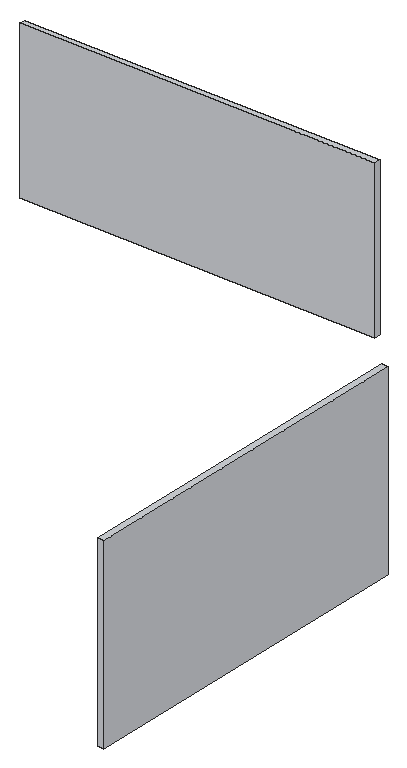
Revit family "EKF450E3 BIM position 2", category Mechanical Equipment, Revit 2013
Parameters (values of type "EKF450E3")
  Width = "700 mm"
  Weight = "83.5 kg"
  Warranty period = "Unit 2 years                                    Motor 5 years"
  Sub Type = "Lo-Carbon Kitchen Box Fan"
  Width (including handles) = "784 mm"
  Height (inclusing controller) = "826 mm"
  Product Description = "Lo-Carbon Kitchen Box Fan"
  Part Number = "EKF450E3"
  Operating Temperature = "(-20C to +40C)"
  Maximum In-Duct Temperature = "120 Degrees C"
  Motor Rating = "0.99kW Max"
  Manufacturer - Website = "www.vent-axia.com"
  Manufacturer - Name = "Vent-Axia Ltd"
  Manufacturer - Email = "sales@vent-axia.com"
  Manufacturer - Contact Phone = "0844 856 0590"
  Manufacturer - Address = "Fleming Way, Crawley, West Sussex RH10 9YX"
  IP Rating = "IP54"
  Height = "700 mm\r\n220mm"
  Length = "700 mm"
  Family = "In-Line Range"
  Country of Manufacture = "UK"
  Category = "Lo-Carbon Kitchen Box Fan"
  AC Voltage Input = "380-415V AC Three Phase"
  AC Frequency Input = "50 Hz"
Reference planes
  plane 1 "Center (Front/Back)": y = 0
  plane 2: z = 0
  plane 3 "Center (Left/Right)": x = 0
  plane 4: z = 413
  plane 5: z = -413
  plane 6: y = -392
  plane 7: y = 392
  plane 8: z = 288.063
  plane 9: z = -411.937
  plane 10: y = 292.257
  plane 11: y = -291.465
  plane 12: z = 217.127
  plane 13: z = -40.516
  plane 14: z = -42.026
  plane 15: z = -346.468
Forms (mm)
  Extrusion 1, solid, detail levels coarse+medium
    sketch origin (-1334.08, 243.949, -45.414) x (1, 0, 0) y (0, 1, 0)
      loop
        line (894.08, 171.051) -> (894.08, -669.889) -> (1808.028, -669.889) -> (1808.028, 171.051) -> (894.08, 171.051)
    from -436.75 to 505.414
  Extrusion 2, solid
    sketch origin (0, 0, 0) x (0, 1, 0) y (0, 0, 1)
      loop
        line (289.325, -42.026) -> (-290.675, -42.026) -> (-290.675, -346.468) -> (289.325, -346.468) -> (289.325, -42.026)
    from 338.431 to 348.431
  Extrusion 3, solid
    sketch origin (-76.465, -690.467, 288.403) x (-1, 0, 0) y (0, 0, 1)
      loop
        line (213.854, -73.403) -> (-366.146, -73.403) -> (-366.146, -329.403) -> (213.854, -329.403) -> (213.854, -73.403)
    from 1027.042 to 1037.042
Dimensions and locks
  plane 4 to plane 5 = 826 mm
  plane 7 to plane 6 = 784 mm
  plane 9 to plane 8 = 700 mm
  plane 10 to plane 11 = 583.723 mm
  plane 12 to plane 13 = 257.643 mm
  plane 14 to plane 15 = 304.442 mm
Connectors
  hvac at (349.681, -3.425, -193.75)
    settings: on import instance, index 1, duct flow 0.0 L/s, flow factor 0, pres drop 0.0 Pa, loss coef 0, conn angle 0.00°, conn width 584 mm, conn height 304 mm, conn radius 304.8 mm, duct sys type 2, conn prof type 1, flow config 0, flow direction 1, loss method 0, conn ref index -1, conn util no, is conn primary yes, conn desc ""
  hvac at (-0.319, 336.575, 87)
    settings: on import instance, index 2, duct flow 0.0 L/s, flow factor 0, pres drop 0.0 Pa, loss coef 0, conn angle 0.00°, conn width 584 mm, conn height 258 mm, conn radius 304.8 mm, duct sys type 2, conn prof type 1, flow config 0, flow direction 2, loss method 0, conn ref index -1, conn util no, is conn primary no, conn desc ""
